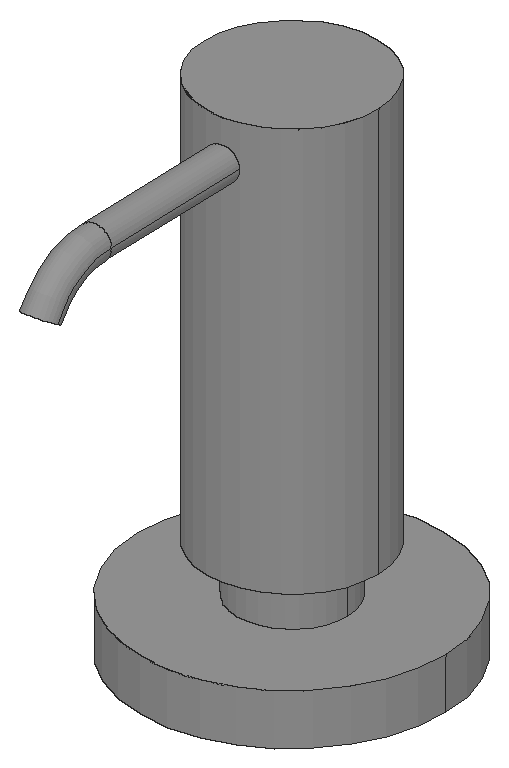
Revit family "KEUCO_14949010200", category Sonderausstattung, Revit 2016
Family settings
  Teiletyp = Normal
  Bemaßung runder Anschluss = Durchmesser verwenden
  Arbeitsebenenbasiert = Nein
  Immer vertikal = Ja
  Beim Laden mit Abzugskörper schneiden = Nein
  Gemeinsam genutzt = Nein
  Raumberechnungspunkt = Nein
Parameters (values of type "14949010200")
  Verwendung = "BI / GWC / WP"  # constant formula
  URL = "https://www.keuco.com/de/produkte/sortiment/artikel/?pid=14949&oid=3&pgo=4&country=de&lang=de&vid=14949010200"
  Serie = "Plan"  # constant formula
  Preisgruppe = "1"  # constant formula
  Material Regal [instance] = Aluminium silber-eloxiert (E6 EV1)
  Materialien bei Hersteller anfragen = "Anfrage zu:  objektmanagement@keuco.de"
  Kategorie = "ACC"  # constant formula
  Hersteller = "KEUCO"  # constant formula
  Gewicht = 382
  Description = ""  # constant formula
  Ausschreibungstext = "KEUCO PLAN Lotionspender 14949010200 \r\nEinbaumodell zur Untertischmontage\r\nHochglanzverchromter Lotionspender \r\nin ästhetischem, funktionalem Design\r\nEinbaumodell, zur verdeckten Untertischmontage \r\nin Waschtische und Waschtischplatten \r\nbis zu einer maximalen Stärke von 45 mm,\r\nkomplett mit abschraubbarem Untertisch-Kunststoffspender\r\nBefüllen von oben durch rausschrauben der Pumpe\r\nFüllmenge ca. 500 ml, für handelsübliche Flüssigseifen\r\nDosiermenge ca. 0,5 ml/Hub\r\nZum Einbau ist eine Bohrung im Waschtisch/in der Waschtischplatte \r\nvon 26.3 mm notwendig, welche nach der Montage durch eine \r\nverchromte Design-Rosettenkappe verdeckt wird, \r\nsichtbare Spenderhöhe 92 mm, Ausladung 86 mm"
  Artikelnummer = "14949010200"
Types (4, lengths in mm): name | URL | Material Regal | Materialien bei Hersteller anfragen | Ausschreibungstext | Artikelnummer
  (no name) | "https://www.keuco.com" | Verchromt | "Request to:  objektmanagement@keuco.de" | "KEUCO PLAN Lotionspender 14949010200 \r\nEinbaumodell zur Untertischmontage\r\nHochglanzverchromter Lotionspender \r\nin ästhetischem, funktionalem Design\r\nEinbaumodell, zur verdeckten Untertischmontage \r\nin Waschtische und Waschtischplatten \r\nbis zu einer maximalen Stärke von 45 mm,\r\nkomplett mit abschraubbarem Untertisch-Kunststoffspender\r\nBefüllen von oben durch rausschrauben der Pumpe\r\nFüllmenge ca. 500 ml, für handelsübliche Flüssigseifen\r\nDosiermenge ca. 0,5 ml/Hub\r\nZum Einbau ist eine Bohrung im Waschtisch/in der Waschtischplatte \r\nvon 26.3 mm notwendig, welche nach der Montage durch eine \r\nverchromte Design-Rosettenkappe verdeckt wird, \r\nsichtbare Spenderhöhe 92 mm, Ausladung 86 mm" | "14949010200"
  14949010200 | "https://www.keuco.com/de/produkte/sortiment/artikel/?pid=14949&oid=3&pgo=4&country=de&lang=de&vid=14949010200" | Aluminium silber-eloxiert (E6 EV1) | "Anfrage zu:  objektmanagement@keuco.de" | "KEUCO PLAN Lotionspender 14949010200 \r\nEinbaumodell zur Untertischmontage\r\nHochglanzverchromter Lotionspender \r\nin ästhetischem, funktionalem Design\r\nEinbaumodell, zur verdeckten Untertischmontage \r\nin Waschtische und Waschtischplatten \r\nbis zu einer maximalen Stärke von 45 mm,\r\nkomplett mit abschraubbarem Untertisch-Kunststoffspender\r\nBefüllen von oben durch rausschrauben der Pumpe\r\nFüllmenge ca. 500 ml, für handelsübliche Flüssigseifen\r\nDosiermenge ca. 0,5 ml/Hub\r\nZum Einbau ist eine Bohrung im Waschtisch/in der Waschtischplatte \r\nvon 26.3 mm notwendig, welche nach der Montage durch eine \r\nverchromte Design-Rosettenkappe verdeckt wird, \r\nsichtbare Spenderhöhe 92 mm, Ausladung 86 mm" | "14949010200"
  14949070200 | "https://www.keuco.com/de/produkte/sortiment/artikel/?pid=14949&oid=3&pgo=4&country=de&lang=de&vid=14949070200" | Edelstahl | "Request to:  objektmanagement@keuco.de" | "KEUCO PLAN Lotionspender 14949070200 \r\nEinbaumodell zur Untertischmontage\r\nLotionspender aus hochwertigem Edelstahl \r\nin ästhetischem, funktionalem Design\r\nEinbaumodell, zur verdeckten Untertischmontage \r\nin Waschtische und Waschtischplatten \r\nbis zu einer maximalen Stärke von 45 mm,\r\nkomplett mit abschraubbarem Untertisch-Kunststoffspender\r\nBefüllen von oben durch rausschrauben der Pumpe\r\nFüllmenge bis 500 ml, für handelsübliche Flüssigseifen\r\nDosiermenge ca. 0,5 ml/Hub\r\nZum Einbau ist eine Bohrung im Waschtisch/in der Waschtischplatte \r\nvon 26.3 mm notwendig, welche nach der Montage durch \r\neine verchromte Design-Rosettenkappe verdeckt wird,\r\nsichtbare Spenderhöhe 92 mm, Ausladung 86 mm" | "14949070200"
  14949170200 | "https://www.keuco.com/de/produkte/sortiment/artikel/?pid=14949&oid=3&pgo=4&country=de&lang=de&vid=14949170200" | Aluminium silber-eloxiert (E6 EV1) | "Request to:  objektmanagement@keuco.de" | "KEUCO PLAN Lotionspender 14949170200 \r\nEinbaumodell zur Untertischmontage\r\nZeitloser Lotionspender aus Aluminium-finish \r\nin ästhetischem, funktionalem Design\r\nEinbaumodell, zur verdeckten Untertischmontage \r\nin Waschtische und Waschtischplatten bis zu \r\neiner maximalen Stärke von 45 mm\r\nkomplett mit abschraubbarem Untertisch-Kunststoffspender\r\nBefüllen von oben durch rausschrauben der Pumpe\r\nFüllmenge bis 500 ml, für handelsübliche Flüssigseifen\r\nDosiermenge ca. 0,5 ml/Hub\r\nZum Einbau ist eine Bohrung im Waschtisch/in der Waschtischplatte \r\nvon 26.3 mm notwendig, welche nach der Montage \r\ndurch eine verchromte Design-Rosettenkappe verdeckt wird, \r\nsichtbare Spenderhöhe 92 mm, Ausladung 86 mm" | "14949170200"
Reference planes
  plane 1 "Center (Front/Back)": y = 0
  plane 2: z = 0
  plane 3 "Center (Left/Right)": x = 0
  plane 4: z = 92
  plane 5: y = -86
Forms (mm)
  Extrusion 1, solid, material "Aluminium silber-eloxiert (E6 EV1)" <- "Material Regal"
    sketch origin (0, 0, 0) x (1, 0, 0) y (0, 1, 0)
      loop
        circle (0, -27.5) r 27.5
    from 0 to 9.24
  Extrusion 2, solid, material "Aluminium silber-eloxiert (E6 EV1)" <- "Material Regal"
    sketch origin (0, 0, -81.25) x (1, 0, 0) y (0, 1, 0)
      loop
        circle (0, -27.5) r 10
    from 90.49 to 99.15
  Extrusion 3, solid, material "Aluminium silber-eloxiert (E6 EV1)" <- "Material Regal"
    sketch origin (0, 0, 21.875) x (1, 0, 0) y (0, 1, 0)
      loop
        circle (0, -27.5) r 15.5
    from -3.975 to 70.125
  Sweep 4, solid, material "Aluminium silber-eloxiert (E6 EV1)" <- "Material Regal"
    path origin (0, 31.601, 20.313) x (0, 1, 0) y (0, 0, 1)
      loop
        line (-74.559, 64.348) -> (-103.1, 64.348)
        arc (-103.1, 64.348) -> (-109.96, 62.51) -> (-114.982, 57.488) r 13.72
    profile origin (0, -57.228, 84.661) x (0, 0, -1) y (1, 0, 0)
      loop
        circle (0, 0) r 3
Lines and regions (mm)
  symbolic lines, style "SpecialityEquipment"
    curve 1: arc (27.5, -27.5, 0) -> (0, 0, 0) -> (-27.5, -27.5, 0) r 27.5
    curve 2: arc (-27.5, -27.5, 0) -> (0, -55, 0) -> (27.5, -27.5, 0) r 27.5
Dimensions and locks
  plane 4 to plane 2 = 92 mm
  plane 1 "Center (Front/Back)" to plane 5 = 86 mm
  aligned and locked: level to plane 2
